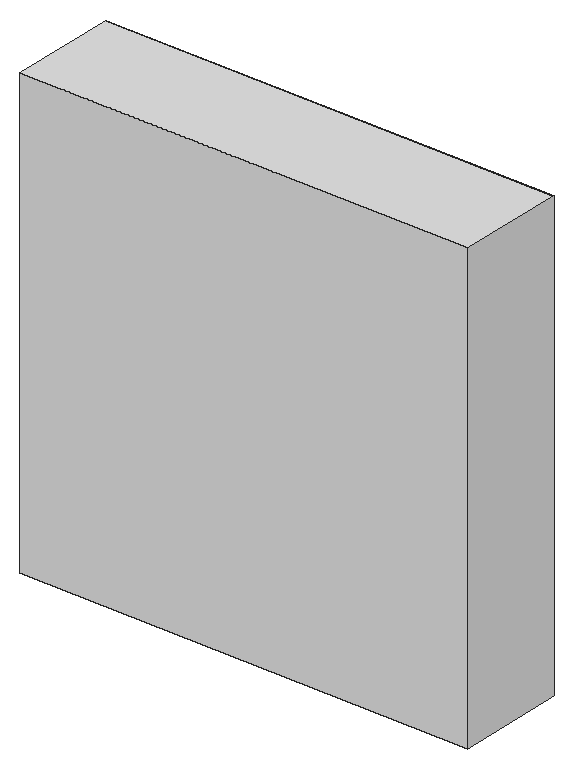
Revit family "OmniLED NM ST LED 230V 1t (veggmontasje)", category Lighting Fixtures, Revit 2013
Parameters (values of type "Type 1")
  Wattage = 9.2903 W
  built-in parameter 1150110 = 1 (stored number, unit not read)
  built-in parameter 1114217 = 1 (stored number, unit not read)
  Tilt Angle = 90.00°
  built-in parameter 1150109 = 1 (stored number, unit not read)
  built-in parameter 1150134 = 3
  built-in parameter 1150113 = 1 (stored number, unit not read)
  Photometric Web File = "2x4 3Lamp.ies"
  Number of Poles = 1
  Symbol Positive Direction [instance] = yes
  built-in parameter 1150105 = 109.82 (stored number, unit not read)
  Lumens = 1380 lm
  built-in parameter 1150115 = 1 (stored number, unit not read)
  built-in parameter 1150137 = (empty or 0)
  built-in parameter 1150139 = (empty or 0)
  built-in parameter 1150112 = 1 (stored number, unit not read)
  built-in parameter 1150114 = 1 (stored number, unit not read)
  built-in parameter 1150132 = (empty or 0)
  built-in parameter 1150102 = (empty or 0)
  built-in parameter 1150107 = 3200 (stored number, unit not read)
  built-in parameter 1150138 = (empty or 0)
  built-in parameter 1150106 = 1.0982 (stored number, unit not read)
  Height = 48 mm
  Voltage = 230 V
  Symbol Offset Side [instance] = 0 mm
  Symbol Offset Out [instance] = 0 mm
  Material = Plastic - White
  Loads [instance] = 0 VA
  Length B = 160 mm
  Length A = 160 mm
  Glass Material = Plastic - Glass
  Emit from Rectangle Width = Length B  # 160 mm
  Emit from Rectangle Length = Length A  # 160 mm
  Emit Shape Visible in Rendering = no
  built-in parameter 1150104 = 13.8 (stored number, unit not read)
  Dimming Lamp Color Temperature Shift = <None>
  Color Filter = 16777215
  built-in parameter 1114218 = 1 (stored number, unit not read)
  built-in parameter 1150133 = 10 (stored number, unit not read)
Reference planes
  plane 1 "Light Source Axis (F/B)": y = 0
  plane 2: z = 0
  plane 3 "Light Source Axis (L/R)": x = 0
  plane 4 "Light Source Elevation": z = 0
  plane 5: y = 48
  plane 6: x = 80
  plane 7: x = -80
  plane 8: x = 15
  plane 9: x = -15
  plane 10: z = 80
  plane 11: z = -80
  plane 12: y = 45
  plane 13: y = 38
  plane 14: z = -15
  plane 15: z = 15
Forms (mm)
  Extrusion 1, solid, material "Plastic - White" <- "Material"
    sketch origin (0, 0, 0) x (1, 0, 0) y (0, 0, 1)
      loop
        line (-80, 80) -> (-80, -80) -> (80, -80) -> (80, 80) -> (-80, 80)
    from 0 to -38
  Blend 2, solid, material "Plastic - White" <- "Material"
    base sketch origin (0, 0, 0) x (1, 0, 0) y (0, 0, 1)
      loop
        line (-80, 80) -> (-80, -80) -> (80, -80) -> (80, 80) -> (-80, 80)
    top sketch origin (0, 0, 0) x (1, 0, 0) y (0, 0, 1)
      loop
        line (-15, 15) -> (-15, -15) -> (15, -15) -> (15, 15) -> (-15, 15)
    from -38 to -45
  Revolve 3, solid, material "Plastic - Glass" <- "Glass Material"
    sketch origin (0, 0, 0) x (1, 0, 0) y (0, 1, 0)
      loop
        line (0, 45) -> (4, 45)
        arc (4, 45) -> (2.993, 47.133) -> (0.8, 48) r 3.207
        line (0.8, 48) -> (0, 48) -> (0, 45)
      axis (0, 45) -> (0, 48)
    angle from 0 to 360
Lines and regions (mm)
  model lines, style "InvisibleLines"
    curve 1: line (0, 0, 0) -> (0, 0, -45)
Dimensions and locks
  plane 4 "Light Source Elevation" to plane 2 = 0 mm
  equal spacing: plane 7, plane 3 "Light Source Axis (L/R)", plane 6
  "Height": plane 5 to plane 1 "Light Source Axis (F/B)"
  "Length A": plane 7 to plane 6
  plane 9 to plane 3 "Light Source Axis (L/R)" to plane 8 = 15 mm locked, 15 mm locked
  equal spacing: plane 10, plane 4 "Light Source Elevation", plane 11
  "Length B": plane 10 to plane 11
  locked: plane 5 to plane 12 at 3
  locked: plane 5 to plane 13 at 10
  locked: plane 3 "Light Source Axis (L/R)" to plane 9 at 15
  locked: plane 8 to plane 3 "Light Source Axis (L/R)" at 15
  locked: plane 15 to plane 4 "Light Source Elevation" at 15
  locked: plane 4 "Light Source Elevation" to plane 14 at 15
  aligned and locked: plane 2 to level
  aligned and locked: imposter light to plane 3 "Light Source Axis (L/R)"
  aligned and locked: Extrusion 1 sketch curve to plane 10
  aligned and locked: plane 7 to Extrusion 1 sketch curve
  aligned and locked: plane 11 to Extrusion 1 sketch curve
  aligned and locked: Extrusion 1 sketch curve to plane 6
  aligned and locked: plane 13 to Extrusion 1
  aligned and locked: Blend 2 sketch curve to plane 10
  aligned and locked: Blend 2 sketch curve to plane 6
  aligned and locked: plane 11 to Blend 2 sketch curve
  aligned and locked: plane 7 to Blend 2 sketch curve
  aligned and locked: Blend 2 sketch curve to plane 15
  aligned and locked: plane 9 to Blend 2 sketch curve
  aligned and locked: plane 14 to Blend 2 sketch curve
  aligned and locked: Blend 2 sketch curve to plane 8
  aligned and locked: plane 12 to Blend 2
  aligned and locked: Blend 2 to plane 13
  aligned and locked: plane 13 to Blend 2
  aligned and locked: plane 1 "Light Source Axis (F/B)" to Extrusion 1
  aligned and locked: Revolve 3 sketch curve to plane 5
  aligned and locked: Revolve 3 sketch curve to plane 12
  aligned and locked: Revolve 3 sketch curve to plane 3 "Light Source Axis (L/R)"
  aligned and locked: plane 3 "Light Source Axis (L/R)" to nested 1
  aligned and locked: plane 1 "Light Source Axis (F/B)" to nested 1
  aligned and locked: plane 5 to imposter light
  aligned and locked: plane 4 "Light Source Elevation" to imposter light
Automatic sketch dimensions
  curve 1 to plane 3 "Light Source Axis (L/R)" = 0 mm
  curve 1 to level = 0 mm
  curve 1 to plane 14 = 30 mm
  Revolve 3 sketch curve to plane 3 "Light Source Axis (L/R)" = 0 mm
  plane 3 "Light Source Axis (L/R)" to Revolve 3 sketch curve = 4 mm
  plane 3 "Light Source Axis (L/R)" to Revolve 3 sketch curve = 0.8 mm
  plane 1 "Light Source Axis (F/B)" to Revolve 3 sketch curve = 2366.751 mm
  Revolve 3 sketch curve to Revolve 3 sketch curve = 256.8 mm
Nested families
  nested 1: "LedelysS" at (0, 0, 0), type "Type 1"
Connectors
  electrical at (0, 0, 0), driven by "Voltage", driven by "Loads", driven by "Number of Poles", driven by "Loads"
    settings: on plane 4 "Light Source Elevation", index 1, voltage 230 V, apparent load 0 VA, apparent load phase1 0 VA, apparent load phase2 0 VA, apparent load phase3 0 VA, power factor 1, load classification "Lighting", number of poles 1, system type 30, power factor state 1, is connector primary yes, connector utility no, sub classification motor no, connector description ""
Definition of nested family "LedelysS"
  Parameters (values of type "Type 1")
    CQ Symbol Positive Direction = yes
    CQ Symbol Negative Direction = not(CQ Symbol Positive Direction)  # no
    CQ Symbol Offset Side = 0 mm
    CQ Symbol Offset Out = 0 mm
  Reference planes
    plane 1: y = 0
    plane 2: x = 0
  Dimensions and locks
    "CQ Symbol Offset Out": plane 1 to nested 1
    "CQ Symbol Offset Out": plane 1 to nested 2
    "CQ Symbol Offset Side": plane 2 to nested 2
    "CQ Symbol Offset Side": nested 1 to plane 2
  Nested families
    nested 1: "LedelysSub" at (0, 0, 0), visible <- "CQ Symbol Negative Direction", type "Type 1"
    nested 2: "LedelysSub" at (0, 0, 0), visible <- "CQ Symbol Positive Direction", type "Type 1"
  Definition of nested family "LedelysSub"
    Reference planes
      plane 1: y = 0
      plane 2: x = 0
    Lines and regions (mm)
      detail lines
        curve 1: line (-4, 0, 0) -> (4, 0, 0)
        curve 2: line (4, 0, 0) -> (4, 4, 0)
        curve 3: line (4, 4, 0) -> (-4, 4, 0)
        curve 4: line (-4, 4, 0) -> (-4, 0, 0)
        curve 5: line (-3.097, 0.75, 0) -> (-0.597, 3.25, 0)
        curve 6: line (-3.097, 3.25, 0) -> (-0.597, 0.75, 0)
        curve 7: circle (-1.847, 2, 0) r 1.2 normal (0, 0, 1)
    Text (mm)
      text "LL" at (2.179, 3.025, 0)
